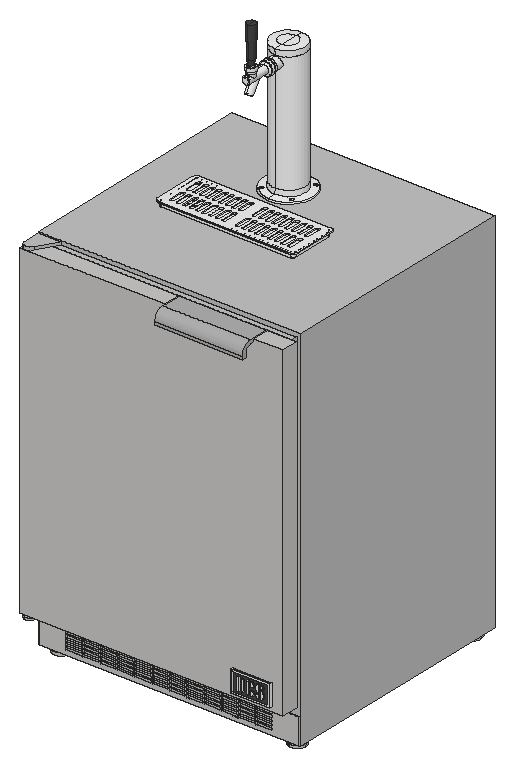
Revit family "RF24TL2_Outdoor_Fridge_9000xxxxxxA", category Specialty Equipment, Revit 2018
Family settings
  Round Connector Dimension = Use Diameter
  Part Type = Normal
  OmniClass Number = 23.40.40.00
  OmniClass Title = Food Service Equipment and Furnishings
  Work Plane-Based = No
  Always vertical = Yes
  Cut with Voids When Loaded = Yes
  Shared = No
  Room Calculation Point = No
Parameters
  Visibility - Clearance Required = yes
  URL = "www.dcsappliances.com"
  Product - Width = 607 mm  # constant formula
  Product - Height (857mm to 883mm) = 870 mm
  Product - Depth = 643 mm  # constant formula
  Model = "RF24TL2"
  Material - Handle = DCS - Aluminium
  Material - Door Front = DCS - Stainless Steel
  Material - Body = DCS - Grey
  Manufacturer = "Fisher & Paykel Appliances"
  Keynote = ""
  Description = "Outdoor Beer Dispenser - Single Tap"
  Counter Top - Height (mm) = 915 mm
  Connector Description - Electrical = "110-120 V, 60 Hz, 15 A dedicated circuit"
  Chassis - Width = 607 mm  # constant formula
  Chassis - Height = 854 mm  # constant formula
  Chassis - Depth = 559 mm  # constant formula
  Cavity - Width = 616 mm  # constant formula
  Cavity - Height (864mm to 889mm) = 889 mm  # constant formula
  Cavity - Depth = 584 mm  # constant formula
Reference planes
  plane 1 "Center (Front/Back)": y = 0
  plane 2: z = 0
  plane 3 "Center (Left/Right)": x = 0
  plane 4 "Product - LHS": x = -303.5
  plane 5 "Product - RHS": x = 303.5
  plane 6 "Product - Depth": y = 559
  plane 7 "Cavity - LHS": x = -308
  plane 8 "Cavity - RHS": x = 308
  plane 9 "Cavity - Depth": y = 584
  plane 10 "Product - Height": z = 870
  plane 11 "Cavity - Height": z = 876
  plane 12 "Chassis - Base": z = 16
  plane 13 "Door Front": y = -54
  plane 14 "Counter Top": z = 915
Forms (mm)
  Extrusion 1, solid, material "DCS - Grey" <- "Material - Body"
    sketch origin (0, 0, 0) x (0, 1, 0) y (0, 0, 1)
      loop
        line (0, 870) -> (0, 16) -> (559, 16) -> (559, 870) -> (0, 870)
    from -303.5 to 303.5
  Extrusion 2, solid, material "DCS - Aluminium" <- "Material - Handle"
    sketch origin (0, 0, 0) x (0, 1, 0) y (0, 0, 1)
      loop
        line (-13.13, 860.6) -> (-59.922, 860.6)
        arc (-59.922, 860.6) -> (-76.948, 853.548) -> (-84, 836.522) r 24.078
        line (-84, 836.522) -> (-84, 830.34) -> (-75.11, 830.34) -> (-75.11, 844.71)
        arc (-75.11, 844.71) -> (-69.603, 851.111) -> (-61.504, 853.5) r 14.926
        line (-61.504, 853.5) -> (-13.13, 853.5) -> (-13.13, 860.6)
    from 32 to 235
  Extrusion 3, solid, material "DCS - Stainless Steel" <- "Material - Door Front", detail levels fine
    sketch origin (0, 0, 0) x (1, 0, 0) y (0, 0, 1)
      loop
        line (-300.5, 16) -> (300.5, 16) -> (300.5, 77) -> (-300.5, 77) -> (-300.5, 16)
      loop
        line (-199, 75.5) -> (-199, 68.5) -> (-161, 68.5) -> (-161, 75.5) -> (-199, 75.5)
      loop
        line (-199, 67) -> (-199, 60) -> (-161, 60) -> (-161, 67) -> (-199, 67)
      loop
        line (-199, 58.5) -> (-199, 51.5) -> (-161, 51.5) -> (-161, 58.5) -> (-199, 58.5)
      loop
        line (-199, 50) -> (-199, 43) -> (-161, 43) -> (-161, 50) -> (-199, 50)
      loop
        line (-199, 41.5) -> (-199, 34.5) -> (-161, 34.5) -> (-161, 41.5) -> (-199, 41.5)
      loop
        line (-199, 33) -> (-199, 26) -> (-161, 26) -> (-161, 33) -> (-199, 33)
      loop
        line (-159, 75.5) -> (-159, 68.5) -> (-121, 68.5) -> (-121, 75.5) -> (-159, 75.5)
      loop
        line (-159, 67) -> (-159, 60) -> (-121, 60) -> (-121, 67) -> (-159, 67)
      loop
        line (-159, 58.5) -> (-159, 51.5) -> (-121, 51.5) -> (-121, 58.5) -> (-159, 58.5)
      loop
        line (-159, 50) -> (-159, 43) -> (-121, 43) -> (-121, 50) -> (-159, 50)
      loop
        line (-159, 41.5) -> (-159, 34.5) -> (-121, 34.5) -> (-121, 41.5) -> (-159, 41.5)
      loop
        line (-159, 33) -> (-159, 26) -> (-121, 26) -> (-121, 33) -> (-159, 33)
      loop
        line (-119, 75.5) -> (-119, 68.5) -> (-81, 68.5) -> (-81, 75.5) -> (-119, 75.5)
      loop
        line (-119, 67) -> (-119, 60) -> (-81, 60) -> (-81, 67) -> (-119, 67)
      loop
        line (-119, 58.5) -> (-119, 51.5) -> (-81, 51.5) -> (-81, 58.5) -> (-119, 58.5)
      loop
        line (-119, 50) -> (-119, 43) -> (-81, 43) -> (-81, 50) -> (-119, 50)
      loop
        line (-119, 41.5) -> (-119, 34.5) -> (-81, 34.5) -> (-81, 41.5) -> (-119, 41.5)
      loop
        line (-119, 33) -> (-119, 26) -> (-81, 26) -> (-81, 33) -> (-119, 33)
      loop
        line (-79, 75.5) -> (-79, 68.5) -> (-41, 68.5) -> (-41, 75.5) -> (-79, 75.5)
      loop
        line (-79, 67) -> (-79, 60) -> (-41, 60) -> (-41, 67) -> (-79, 67)
      loop
        line (-79, 58.5) -> (-79, 51.5) -> (-41, 51.5) -> (-41, 58.5) -> (-79, 58.5)
      loop
        line (-79, 50) -> (-79, 43) -> (-41, 43) -> (-41, 50) -> (-79, 50)
      loop
        line (-79, 41.5) -> (-79, 34.5) -> (-41, 34.5) -> (-41, 41.5) -> (-79, 41.5)
      loop
        line (-79, 33) -> (-79, 26) -> (-41, 26) -> (-41, 33) -> (-79, 33)
      loop
        line (-39, 75.5) -> (-39, 68.5) -> (-1, 68.5) -> (-1, 75.5) -> (-39, 75.5)
      loop
        line (-39, 67) -> (-39, 60) -> (-1, 60) -> (-1, 67) -> (-39, 67)
      loop
        line (-39, 58.5) -> (-39, 51.5) -> (-1, 51.5) -> (-1, 58.5) -> (-39, 58.5)
      loop
        line (-39, 50) -> (-39, 43) -> (-1, 43) -> (-1, 50) -> (-39, 50)
      loop
        line (-39, 41.5) -> (-39, 34.5) -> (-1, 34.5) -> (-1, 41.5) -> (-39, 41.5)
      loop
        line (-39, 33) -> (-39, 26) -> (-1, 26) -> (-1, 33) -> (-39, 33)
      loop
        line (-239, 75.5) -> (-239, 68.5) -> (-201, 68.5) -> (-201, 75.5) -> (-239, 75.5)
      loop
        line (-239, 67) -> (-239, 60) -> (-201, 60) -> (-201, 67) -> (-239, 67)
      loop
        line (-239, 58.5) -> (-239, 51.5) -> (-201, 51.5) -> (-201, 58.5) -> (-239, 58.5)
      loop
        line (-239, 50) -> (-239, 43) -> (-201, 43) -> (-201, 50) -> (-239, 50)
      loop
        line (-239, 41.5) -> (-239, 34.5) -> (-201, 34.5) -> (-201, 41.5) -> (-239, 41.5)
      loop
        line (-239, 33) -> (-239, 26) -> (-201, 26) -> (-201, 33) -> (-239, 33)
      loop
        line (199, 75.5) -> (161, 75.5) -> (161, 68.5) -> (199, 68.5) -> (199, 75.5)
      loop
        line (199, 67) -> (161, 67) -> (161, 60) -> (199, 60) -> (199, 67)
      loop
        line (199, 58.5) -> (161, 58.5) -> (161, 51.5) -> (199, 51.5) -> (199, 58.5)
      loop
        line (199, 50) -> (161, 50) -> (161, 43) -> (199, 43) -> (199, 50)
      loop
        line (199, 41.5) -> (161, 41.5) -> (161, 34.5) -> (199, 34.5) -> (199, 41.5)
      loop
        line (199, 33) -> (161, 33) -> (161, 26) -> (199, 26) -> (199, 33)
      loop
        line (159, 75.5) -> (121, 75.5) -> (121, 68.5) -> (159, 68.5) -> (159, 75.5)
      loop
        line (159, 67) -> (121, 67) -> (121, 60) -> (159, 60) -> (159, 67)
      loop
        line (159, 58.5) -> (121, 58.5) -> (121, 51.5) -> (159, 51.5) -> (159, 58.5)
      loop
        line (159, 50) -> (121, 50) -> (121, 43) -> (159, 43) -> (159, 50)
      loop
        line (159, 41.5) -> (121, 41.5) -> (121, 34.5) -> (159, 34.5) -> (159, 41.5)
      loop
        line (159, 33) -> (121, 33) -> (121, 26) -> (159, 26) -> (159, 33)
      loop
        line (119, 75.5) -> (81, 75.5) -> (81, 68.5) -> (119, 68.5) -> (119, 75.5)
      loop
        line (119, 67) -> (81, 67) -> (81, 60) -> (119, 60) -> (119, 67)
      loop
        line (119, 58.5) -> (81, 58.5) -> (81, 51.5) -> (119, 51.5) -> (119, 58.5)
      loop
        line (119, 50) -> (81, 50) -> (81, 43) -> (119, 43) -> (119, 50)
      loop
        line (119, 41.5) -> (81, 41.5) -> (81, 34.5) -> (119, 34.5) -> (119, 41.5)
      loop
        line (119, 33) -> (81, 33) -> (81, 26) -> (119, 26) -> (119, 33)
      loop
        line (79, 75.5) -> (41, 75.5) -> (41, 68.5) -> (79, 68.5) -> (79, 75.5)
      loop
        line (79, 67) -> (41, 67) -> (41, 60) -> (79, 60) -> (79, 67)
      loop
        line (79, 58.5) -> (41, 58.5) -> (41, 51.5) -> (79, 51.5) -> (79, 58.5)
      loop
        line (79, 50) -> (41, 50) -> (41, 43) -> (79, 43) -> (79, 50)
      loop
        line (79, 41.5) -> (41, 41.5) -> (41, 34.5) -> (79, 34.5) -> (79, 41.5)
      loop
        line (79, 33) -> (41, 33) -> (41, 26) -> (79, 26) -> (79, 33)
      loop
        line (39, 75.5) -> (1, 75.5) -> (1, 68.5) -> (39, 68.5) -> (39, 75.5)
      loop
        line (39, 67) -> (1, 67) -> (1, 60) -> (39, 60) -> (39, 67)
      loop
        line (39, 58.5) -> (1, 58.5) -> (1, 51.5) -> (39, 51.5) -> (39, 58.5)
      loop
        line (39, 50) -> (1, 50) -> (1, 43) -> (39, 43) -> (39, 50)
      loop
        line (39, 41.5) -> (1, 41.5) -> (1, 34.5) -> (39, 34.5) -> (39, 41.5)
      loop
        line (39, 33) -> (1, 33) -> (1, 26) -> (39, 26) -> (39, 33)
      loop
        line (239, 75.5) -> (201, 75.5) -> (201, 68.5) -> (239, 68.5) -> (239, 75.5)
      loop
        line (239, 67) -> (201, 67) -> (201, 60) -> (239, 60) -> (239, 67)
      loop
        line (239, 58.5) -> (201, 58.5) -> (201, 51.5) -> (239, 51.5) -> (239, 58.5)
      loop
        line (239, 50) -> (201, 50) -> (201, 43) -> (239, 43) -> (239, 50)
      loop
        line (239, 41.5) -> (201, 41.5) -> (201, 34.5) -> (239, 34.5) -> (239, 41.5)
      loop
        line (239, 33) -> (201, 33) -> (201, 26) -> (239, 26) -> (239, 33)
    from 0 to 2
  Extrusion 4, solid, material "DCS - Grey" <- "Material - Body"
    sketch origin (0, 0, 1000) x (1, 0, 0) y (0, 0, 1)
      loop
        circle (203.5, -913) r 5
    from -584 to -559
  Extrusion 5, solid, material "DCS - Clearance Required", visible <- "Visibility - Clearance Required", detail levels coarse
    sketch origin (0, 0, 0) x (1, 0, 0) y (0, 1, 0)
      loop
        line (-308, 584) -> (-308, 0) -> (308, 0) -> (308, 584) -> (-308, 584)
    from 0 to 876
  Extrusion 6, solid, material "DCS - Grey" <- "Material - Body"
    sketch origin (0, 0, 0) x (0, 1, 0) y (0, 0, 1)
      loop
        line (-13.13, 860.6) -> (-13.13, 107.384) -> (0, 107.384) -> (0, 860.6) -> (-13.13, 860.6)
    from -293 to 293
  Extrusion 7, solid, material "DCS - Grey" <- "Material - Body"
    sketch origin (0, 0, 0) x (1, 0, 0) y (0, 1, 0)
      loop
        circle (-273.5, 27) r 19
      loop
        circle (-273.5, 534) r 19
      loop
        circle (273.5, 27) r 19
      loop
        circle (273.5, 534) r 19
    from 0 to 4.9
  Extrusion 8, solid, material "DCS - Grey" <- "Material - Body"
    sketch origin (0, 0, 0) x (1, 0, 0) y (0, 1, 0)
      loop
        circle (-273.5, 534) r 6
      loop
        circle (-273.5, 27) r 6
      loop
        circle (273.5, 534) r 6
      loop
        circle (273.5, 27) r 6
    from 4.9 to 16
  Extrusion 9, solid, material "DCS - Clearance Required", visible <- "Visibility - Clearance Required", detail levels coarse
    sketch origin (0, 0, 0) x (1, 0, 0) y (0, 1, 0)
      loop
        line (-303.5, -54) -> (-303.5, -348.771) -> (-333.5, -348.771) -> (-333.5, -551.714) -> (-303.5, -551.714) -> (-303.5, -620)
        arc (-303.5, -620) -> (118.506, -464.09) -> (303.5, -54) r 582.375
        line (303.5, -54) -> (-303.5, -54)
    from 102.24 to 860.6
  Extrusion 10, solid, material "DCS - Grey" <- "Material - Body", detail levels fine
    sketch origin (0, 0, 0) x (1, 0, 0) y (0, 1, 0)
      loop
        line (-278.224, -45.856) -> (-253.451, 0) -> (-303.5, 0) -> (-303.5, -40.895)
        arc (-303.5, -40.895) -> (-292.903, -53.774) -> (-278.224, -45.856) r 13.125
    from 860.6 to 866.898
  Extrusion 11, solid, material "DCS - Grey" <- "Material - Body", detail levels fine
    sketch origin (0, 0, 0) x (1, 0, 0) y (0, 1, 0)
      loop
        line (-278.224, -45.856) -> (-253.451, 0) -> (-303.5, 0) -> (-303.5, -40.895)
        arc (-303.5, -40.895) -> (-292.903, -53.774) -> (-278.224, -45.856) r 13.125
    from 93.901 to 97.228
  Extrusion 12, void
    sketch origin (0, 0, 0) x (1, 0, 0) y (0, 1, 0)
      loop
        line (-308, 584) -> (-308, 0) -> (308, 0) -> (308, 584) -> (-308, 584)
    from 0 to 876
  Extrusion 13, solid, material "DCS - Stainless Steel" <- "Material - Door Front"
    sketch origin (0, 0, 0) x (1, 0, 0) y (0, 0, 1)
      loop
        line (-303.5, 860.6) -> (-303.5, 102.24) -> (303.5, 102.24) -> (303.5, 860.6) -> (235, 860.6) -> (235, 853.5) -> (32, 853.5) -> (32, 860.6) -> (-303.5, 860.6)
    from 13.13 to 54
  Extrusion 14, void
    sketch origin (0, 0, 0) x (1, 0, 0) y (0, 1, 0)
      loop
        circle (0, 343) r 19
      loop
        circle (-35, 378) r 3
      loop
        arc (149.5, 162) -> (153.743, 163.757) -> (155.5, 168) r 6
        line (155.5, 168) -> (155.5, 264)
        arc (155.5, 264) -> (153.743, 268.243) -> (149.5, 270) r 6
        line (149.5, 270) -> (-149.5, 270)
        arc (-149.5, 270) -> (-153.743, 268.243) -> (-155.5, 264) r 6
        line (-155.5, 264) -> (-155.5, 168)
        arc (-155.5, 168) -> (-153.743, 163.757) -> (-149.5, 162) r 6
        line (-149.5, 162) -> (149.5, 162)
      loop
        circle (35, 378) r 3
      loop
        circle (-35, 308) r 3
      loop
        circle (35, 308) r 3
    from 870 to 915
Text (mm)
  text "Due to ongoing product development, product details are subject to change without notice. \nPlease always refer to www.fisherpaykel.com for the most current product information. \n© Fisher & Paykel 2020" at (41.04, -459.323, 0), in view "Ref. Level (Plan)"
Dimensions and locks
  equal spacing: plane 4 "Product - LHS", plane 3 "Center (Left/Right)", plane 5 "Product - RHS"
  "Product - Width": plane 4 "Product - LHS" to plane 5 "Product - RHS"
  equal spacing: plane 7 "Cavity - LHS", plane 3 "Center (Left/Right)", plane 8 "Cavity - RHS"
  "Cavity - Width": plane 7 "Cavity - LHS" to plane 8 "Cavity - RHS"
  "Chassis - Depth": plane 6 "Product - Depth" to plane 1 "Center (Front/Back)"
  "Cavity - Depth": plane 1 "Center (Front/Back)" to plane 9 "Cavity - Depth"
  "Product - Height (857mm to 883mm)": plane 10 "Product - Height" to level
  locked: plane 11 "Cavity - Height" to plane 10 "Product - Height" at 6
  "Chassis - Height": plane 10 "Product - Height" to plane 12 "Chassis - Base"
  plane 13 "Door Front" to plane 1 "Center (Front/Back)" = 54 mm
  plane 6 "Product - Depth" to plane 9 "Cavity - Depth" = 25 mm
  "Product - Depth": plane 6 "Product - Depth" to Extrusion 2
  equal spacing: Extrusion 6, plane 3 "Center (Left/Right)", Extrusion 6
  locked: Extrusion 4 sketch curve to plane 12 "Chassis - Base" at 71
  locked: Extrusion 7 to level at 4.9
  locked: plane 12 "Chassis - Base" to Extrusion 9 at 86.24
  locked: plane 12 "Chassis - Base" to Extrusion 11 at 77.901
  locked: Extrusion 11 to Extrusion 11 at 3.327
  locked: plane 10 "Product - Height" to Extrusion 10 at 3.102  (x2)
  locked: nested 1 to plane 12 "Chassis - Base" at 146.24
  locked: plane 10 "Product - Height" to Extrusion 9 at 9.4
  Extrusion 14 sketch curve to plane 3 "Center (Left/Right)" = 35 mm
  "Counter Top - Height (mm)": plane 14 "Counter Top" to level
  locked: nested 2 to plane 14 "Counter Top" at 308
  aligned and locked: level to plane 2
  aligned and locked: Extrusion 1 to plane 5 "Product - RHS"
  aligned and locked: Extrusion 1 to plane 4 "Product - LHS"
  aligned and locked: plane 10 "Product - Height" to Extrusion 1
  aligned and locked: Extrusion 4 to plane 9 "Cavity - Depth"
  aligned and locked: Extrusion 4 to plane 6 "Product - Depth"
  aligned and locked: Extrusion 5 to level
  aligned and locked: plane 11 "Cavity - Height" to Extrusion 5
  aligned and locked: Extrusion 3 to Extrusion 1
  aligned and locked: Extrusion 7 to level
  aligned and locked: Extrusion 8 to Extrusion 1
  aligned and locked: Extrusion 8 to Extrusion 7
  aligned and locked: Extrusion 1 to plane 12 "Chassis - Base"
  aligned and locked: Extrusion 12 to Extrusion 5
  aligned and locked: Extrusion 10 to Extrusion 2
  aligned and locked: plane 14 "Counter Top" to Extrusion 14
Automatic sketch dimensions
  Extrusion 1 sketch curve to plane 1 "Center (Front/Back)" = 0 mm
  Extrusion 1 sketch curve to plane 6 "Product - Depth" = 0 mm
  Extrusion 1 sketch curve to plane 12 "Chassis - Base" = 0 mm
  Extrusion 1 sketch curve to plane 10 "Product - Height" = 0 mm
  plane 13 "Door Front" to Extrusion 2 sketch curve = 40.87 mm
  Extrusion 2 sketch curve to Extrusion 2 sketch curve = 46.792 mm
  Extrusion 2 sketch curve to Extrusion 2 sketch curve = 1.582 mm
  Extrusion 2 sketch curve to Extrusion 2 sketch curve = 13.606 mm
  Extrusion 2 sketch curve to Extrusion 2 sketch curve = 8.89 mm
  Extrusion 2 sketch curve to plane 10 "Product - Height" = 39.66 mm
  Extrusion 2 sketch curve to Extrusion 2 sketch curve = 6.182 mm
  Extrusion 2 sketch curve to Extrusion 2 sketch curve = 2.052 mm
  Extrusion 2 sketch curve to Extrusion 2 sketch curve = 8.188 mm
  Extrusion 3 sketch curve to plane 12 "Chassis - Base" = 0 mm
  Extrusion 3 sketch curve to plane 4 "Product - LHS" = 3 mm
  Extrusion 3 sketch curve to Extrusion 3 sketch curve = 61.5 mm
  plane 12 "Chassis - Base" to Extrusion 3 sketch curve = 10 mm  (x6)
  Extrusion 3 sketch curve to Extrusion 3 sketch curve = 0 mm  (x138)
  Extrusion 3 sketch curve to Extrusion 3 sketch curve = 38 mm  (x11)
  Extrusion 3 sketch curve to Extrusion 3 sketch curve = 2 mm  (x22)
  Extrusion 3 sketch curve to plane 3 "Center (Left/Right)" = 1 mm  (x6)
  plane 3 "Center (Left/Right)" to Extrusion 3 sketch curve = 1 mm  (x6)
  plane 5 "Product - RHS" to Extrusion 3 sketch curve = 3 mm
  Extrusion 3 sketch curve to Extrusion 3 sketch curve = 7 mm  (x38)
  Extrusion 3 sketch curve to Extrusion 3 sketch curve = 1.5 mm  (x60)
  Extrusion 3 sketch curve to Extrusion 3 sketch curve = 61 mm
  plane 5 "Product - RHS" to Extrusion 4 sketch curve = 100 mm
  Extrusion 5 sketch curve to plane 1 "Center (Front/Back)" = 0 mm
  Extrusion 5 sketch curve to plane 7 "Cavity - LHS" = 0 mm
  Extrusion 5 sketch curve to plane 8 "Cavity - RHS" = 0 mm
  plane 9 "Cavity - Depth" to Extrusion 5 sketch curve = 0 mm
  Extrusion 6 sketch curve to plane 1 "Center (Front/Back)" = 0 mm
  plane 1 "Center (Front/Back)" to Extrusion 6 sketch curve = 13.13 mm
  Extrusion 7 sketch curve to plane 4 "Product - LHS" = 30 mm  (x2)
  plane 5 "Product - RHS" to Extrusion 7 sketch curve = 30 mm  (x2)
  Extrusion 7 sketch curve to plane 1 "Center (Front/Back)" = 27 mm  (x2)
  Extrusion 7 sketch curve to plane 6 "Product - Depth" = 25 mm  (x2)
  Extrusion 8 sketch curve to plane 4 "Product - LHS" = 30 mm  (x2)
  plane 5 "Product - RHS" to Extrusion 8 sketch curve = 30 mm  (x2)
  Extrusion 8 sketch curve to plane 1 "Center (Front/Back)" = 27 mm  (x2)
  Extrusion 8 sketch curve to plane 6 "Product - Depth" = 25 mm  (x2)
  Extrusion 9 sketch curve to plane 4 "Product - LHS" = 0 mm  (x2)
  Extrusion 9 sketch curve to plane 5 "Product - RHS" = 0 mm
  Extrusion 9 sketch curve to plane 13 "Door Front" = 0 mm
  plane 7 "Cavity - LHS" to Extrusion 9 sketch curve = 25.5 mm
  Extrusion 9 sketch curve to plane 4 "Product - LHS" = 24.841 mm
  Extrusion 9 sketch curve to plane 13 "Door Front" = 294.771 mm
  Extrusion 9 sketch curve to Extrusion 9 sketch curve = 202.944 mm
  Extrusion 9 sketch curve to Extrusion 9 sketch curve = 68.286 mm
  Extrusion 10 sketch curve to plane 4 "Product - LHS" = 0 mm
  plane 1 "Center (Front/Back)" to Extrusion 10 sketch curve = 0 mm
  Extrusion 10 sketch curve to Extrusion 10 sketch curve = 13.125 mm
  plane 13 "Door Front" to Extrusion 10 sketch curve = 8.144 mm
  Extrusion 10 sketch curve to Extrusion 10 sketch curve = 12.151 mm
  Extrusion 10 sketch curve to plane 4 "Product - LHS" = 50.049 mm
  Extrusion 11 sketch curve to plane 4 "Product - LHS" = 0 mm
  plane 1 "Center (Front/Back)" to Extrusion 11 sketch curve = 0 mm
  Extrusion 11 sketch curve to Extrusion 11 sketch curve = 13.125 mm
  plane 13 "Door Front" to Extrusion 11 sketch curve = 8.144 mm
  Extrusion 11 sketch curve to Extrusion 11 sketch curve = 12.151 mm
  Extrusion 11 sketch curve to plane 4 "Product - LHS" = 50.049 mm
  Extrusion 12 sketch curve to plane 1 "Center (Front/Back)" = 0 mm
  Extrusion 12 sketch curve to plane 7 "Cavity - LHS" = 0 mm
  Extrusion 12 sketch curve to plane 8 "Cavity - RHS" = 0 mm
  Extrusion 12 sketch curve to plane 9 "Cavity - Depth" = 0 mm
  plane 4 "Product - LHS" to Extrusion 13 sketch curve = 0 mm
  plane 5 "Product - RHS" to Extrusion 13 sketch curve = 0 mm
  plane 3 "Center (Left/Right)" to Extrusion 13 sketch curve = 32 mm
  Extrusion 13 sketch curve to plane 10 "Product - Height" = 16.5 mm
  plane 5 "Product - RHS" to Extrusion 13 sketch curve = 68.5 mm
  plane 12 "Chassis - Base" to Extrusion 13 sketch curve = 86.24 mm
  Extrusion 13 sketch curve to Extrusion 13 sketch curve = 7.1 mm  (x2)
  plane 12 "Chassis - Base" to Extrusion 6 sketch curve = 91.384 mm
  Extrusion 6 sketch curve to plane 10 "Product - Height" = 9.4 mm
  Extrusion 14 sketch curve to plane 3 "Center (Left/Right)" = 0 mm
  Extrusion 14 sketch curve to plane 3 "Center (Left/Right)" = 35 mm
  Extrusion 14 sketch curve to plane 3 "Center (Left/Right)" = 149.5 mm
  Extrusion 14 sketch curve to Extrusion 14 sketch curve = 0 mm  (x3)
  Extrusion 14 sketch curve to Extrusion 14 sketch curve = 6 mm  (x2)
  plane 3 "Center (Left/Right)" to Extrusion 14 sketch curve = 35 mm  (x2)
  plane 3 "Center (Left/Right)" to Extrusion 14 sketch curve = 149.5 mm
  Extrusion 14 sketch curve to plane 1 "Center (Front/Back)" = 162 mm
  Extrusion 14 sketch curve to Extrusion 14 sketch curve = 96 mm
  Extrusion 14 sketch curve to Extrusion 14 sketch curve = 38 mm
  Extrusion 14 sketch curve to Extrusion 14 sketch curve = 35 mm  (x3)
  radius of Extrusion 4 sketch curve = 5 mm
  radius of Extrusion 7 sketch curve = 19 mm  (x4)
  radius of Extrusion 8 sketch curve = 6 mm  (x4)
  radius of Extrusion 14 sketch curve = 19 mm
  radius of Extrusion 14 sketch curve = 3 mm  (x4)
Nested families
  nested 1: "DCS Logo New Large" at (233.092, -54, 137.74), type "DCS Logo New Large"
  nested 2: "DCS Dispense Tower Single" at (0, 0, 915), type "DCS Dispense Tower Single"
Connectors
  electrical at (203.5, 584, 87), driven by "Connector Description - Electrical"
    settings: on Extrusion 4, index 1, voltage 120 V, apparent load 0 VA, apparent load phase1 0 VA, apparent load phase2 0 VA, apparent load phase3 0 VA, power factor 1, load classification "Other", number of poles 1, system type 30, power factor state 1, is connector primary yes, connector utility no, sub classification motor no, connector description "110-120 V, 60 Hz, 15 A dedicated circuit"
Definition of nested family "DCS Logo New Large"
  Parameters (values of type "DCS Logo New Large")
    URL = "www.dcsappliances.com"
    Product - Width = 89.45 mm
    Product - Height = 49 mm
    Product - Depth = 6 mm
    Material - Logo = none
    Material - Body = none
    Manufacturer = "Fisher & Paykel Appliances"
  Reference planes
    plane 1 "Center (Front/Back)": y = 0
    plane 2: z = 0
    plane 3 "Center (Left/Right)": x = 0
    plane 4 "Product Top": z = 24.5
    plane 5 "Product LHS": x = -44.725
    plane 6 "Product RHS": x = 44.725
    plane 7 "Product - Depth": y = -6
    plane 8 "Product Bottom": z = -24.5
  Forms (mm)
    Extrusion 1, solid, material <- "Material - Logo", detail levels medium+fine
      sketch origin (0, 0, -0.347) x (1, 0, 0) y (0, 0, 1)
        loop
          line (-44.725, 24.847) -> (-44.725, -24.153) -> (44.725, -24.153) -> (44.725, 24.847) -> (-44.725, 24.847)
        loop
          line (-41.725, 21.847) -> (-41.725, -21.153) -> (41.725, -21.153) -> (41.725, 21.847) -> (-41.725, 21.847)
      from 0 to 6
    Extrusion 2, solid, material <- "Material - Body", detail levels medium+fine
      sketch origin (0, 0, 0) x (1, 0, 0) y (0, 0, 1)
        loop
          line (-41.725, 21.5) -> (-41.725, -21.5) -> (41.725, -21.5) -> (41.725, 21.5) -> (-41.725, 21.5)
      from 0 to 4.974
    Extrusion 3, solid, material <- "Material - Logo", detail levels fine
      sketch origin (0, 0, 0) x (1, 0, 0) y (0, 0, 1)
        loop
          line (-31.141, 15.364) -> (-31.141, -15.364) -> (-25.323, -15.364) -> (-25.323, 15.364) -> (-31.141, 15.364)
        loop
          arc (-20.07, -15.416) -> (-15.93, -13.415) -> (-14.252, -9.134) r 6.301
          line (-14.252, -9.134) -> (-14.252, 9.134)
          arc (-14.252, 9.134) -> (-15.93, 13.414) -> (-20.07, 15.412) r 6.296
          line (-20.07, 15.412) -> (-20.07, -15.416)
        loop
          arc (-8.445, -9.134) -> (-6.767, -13.414) -> (-2.627, -15.412) r 6.296
          line (-2.627, -15.412) -> (-2.627, 15.416)
          arc (-2.627, 15.416) -> (-6.767, 13.415) -> (-8.445, 9.134) r 6.301
          line (-8.445, 9.134) -> (-8.445, -9.134)
        loop
          arc (2.627, -15.377) -> (6.765, -13.401) -> (8.445, -9.134) r 6.259
          line (8.445, -9.134) -> (8.445, -4.011) -> (2.627, -4.011) -> (2.627, -15.377)
        loop
          arc (8.445, 9.134) -> (6.767, 13.414) -> (2.627, 15.412) r 6.296
          line (2.627, 15.412) -> (2.627, 4.011) -> (8.445, 4.011) -> (8.445, 9.134)
        loop
          line (20.07, -2.527) -> (20.07, 15.375)
          arc (20.07, 15.375) -> (15.932, 13.4) -> (14.252, 9.134) r 6.257
          line (14.252, 9.134) -> (14.252, 4.145)
          arc (14.252, 4.145) -> (16.005, -0.199) -> (20.07, -2.527) r 7.155
        loop
          line (14.252, -6.875) -> (14.252, -9.134)
          arc (14.252, -9.134) -> (15.93, -13.414) -> (20.07, -15.412) r 6.296
          line (20.07, -15.412) -> (20.07, -6.875) -> (14.252, -6.875)
        loop
          line (25.323, 2.499) -> (25.323, -15.378)
          arc (25.323, -15.378) -> (29.461, -13.401) -> (31.141, -9.134) r 6.259
          line (31.141, -9.134) -> (31.141, -4.145)
          arc (31.141, -4.145) -> (29.481, 0.271) -> (25.323, 2.499) r 6.702
        loop
          line (25.323, 6.875) -> (31.141, 6.875) -> (31.141, 9.134)
          arc (31.141, 9.134) -> (29.464, 13.419) -> (25.323, 15.427) r 6.313
          line (25.323, 15.427) -> (25.323, 6.875)
      from 4.974 to 6
  Dimensions and locks
    plane 7 "Product - Depth" to plane 1 "Center (Front/Back)" = 6 mm
    equal spacing: Extrusion 1 sketch curve, plane 3 "Center (Left/Right)", Extrusion 1 sketch curve
    "Product - Depth": plane 7 "Product - Depth" to plane 1 "Center (Front/Back)"
    equal spacing: plane 4 "Product Top", level, plane 8 "Product Bottom"
    "Product - Height": plane 4 "Product Top" to plane 8 "Product Bottom"
    equal spacing: plane 5 "Product LHS", plane 3 "Center (Left/Right)", plane 6 "Product RHS"
    "Product - Width": plane 5 "Product LHS" to plane 6 "Product RHS"
    aligned and locked: level to plane 2
    aligned and locked: Extrusion 1 to plane 7 "Product - Depth"
    aligned and locked: Extrusion 3 to plane 7 "Product - Depth"
    aligned and locked: plane 6 "Product RHS" to Extrusion 1 sketch curve
    aligned and locked: Extrusion 1 sketch curve to plane 4 "Product Top"
    aligned and locked: plane 8 "Product Bottom" to Extrusion 1 sketch curve
    aligned and locked: Extrusion 1 sketch curve to plane 5 "Product LHS"
    aligned and locked: Extrusion 2 sketch curve to Extrusion 1  (x4)
  Automatic sketch dimensions
    Extrusion 3 sketch curve to plane 5 "Product LHS" = 13.584 mm
    Extrusion 3 sketch curve to Extrusion 3 sketch curve = 5.818 mm  (x5)
    Extrusion 3 sketch curve to Extrusion 3 sketch curve = 4.771 mm
    Extrusion 3 sketch curve to Extrusion 3 sketch curve = 4.775 mm
    Extrusion 3 sketch curve to Extrusion 3 sketch curve = 6.296 mm
    Extrusion 3 sketch curve to Extrusion 3 sketch curve = 5.807 mm  (x3)
    Extrusion 3 sketch curve to plane 3 "Center (Left/Right)" = 2.627 mm
    Extrusion 3 sketch curve to plane 3 "Center (Left/Right)" = 2.149 mm
    Extrusion 3 sketch curve to plane 3 "Center (Left/Right)" = 2.144 mm
    plane 3 "Center (Left/Right)" to Extrusion 3 sketch curve = 2.148 mm
    plane 3 "Center (Left/Right)" to Extrusion 3 sketch curve = 2.186 mm
    plane 3 "Center (Left/Right)" to Extrusion 3 sketch curve = 2.627 mm  (x2)
    Extrusion 3 sketch curve to level = 2.527 mm
    Extrusion 3 sketch curve to Extrusion 3 sketch curve = 0 mm  (x3)
    Extrusion 3 sketch curve to Extrusion 3 sketch curve = 0.439 mm
    Extrusion 3 sketch curve to Extrusion 3 sketch curve = 0.478 mm
    level to Extrusion 3 sketch curve = 4.504 mm
    Extrusion 3 sketch curve to Extrusion 3 sketch curve = 0.889 mm
    Extrusion 3 sketch curve to Extrusion 3 sketch curve = 4.369 mm
    Extrusion 3 sketch curve to Extrusion 3 sketch curve = 4.32 mm
    Extrusion 3 sketch curve to Extrusion 3 sketch curve = 4.334 mm
    Extrusion 3 sketch curve to Extrusion 3 sketch curve = 5.254 mm  (x3)
    Extrusion 3 sketch curve to Extrusion 3 sketch curve = 6.702 mm
    Extrusion 3 sketch curve to level = 4.011 mm
    Extrusion 3 sketch curve to level = 4.145 mm
    Extrusion 3 sketch curve to Extrusion 3 sketch curve = 2.865 mm
    Extrusion 3 sketch curve to Extrusion 3 sketch curve = 4.989 mm
    Extrusion 3 sketch curve to Extrusion 3 sketch curve = 5.123 mm  (x2)
    Extrusion 3 sketch curve to Extrusion 3 sketch curve = 2.259 mm  (x2)
    Extrusion 3 sketch curve to level = 9.134 mm
    Extrusion 3 sketch curve to Extrusion 3 sketch curve = 6.23 mm  (x2)
    level to Extrusion 3 sketch curve = 4.011 mm
    level to Extrusion 3 sketch curve = 6.875 mm
    level to Extrusion 3 sketch curve = 9.134 mm
    Extrusion 3 sketch curve to Extrusion 3 sketch curve = 4.63 mm
    Extrusion 1 sketch curve to plane 5 "Product LHS" = 3 mm
    Extrusion 1 sketch curve to plane 4 "Product Top" = 3 mm
    plane 8 "Product Bottom" to Extrusion 1 sketch curve = 3 mm
Definition of nested family "DCS Dispense Tower Single"
  Parameters (values of type "DCS Dispense Tower Single")
    URL = "www.dcsappliances.com"
    Product - Height = 308 mm
    Material - Body = none
    Manufacturer = "Fisher & Paykel Appliances"
  Reference planes
    plane 1 "Center (Front/Back)": y = 0
    plane 2: z = 0
    plane 3 "Center (Left/Right)": x = 0
  Forms (mm)
    Revolve 1, solid, material <- "Material - Body", detail levels fine
      sketch origin (0, 0, 0) x (0, 1, 0) y (0, 0, 1)
        loop
          line (342.959, 0) -> (342.959, 308) -> (321.83, 308) -> (304.501, 306.484) -> (304.833, 294.284) -> (304.833, 17.538) -> (303.82, 5.592) -> (286.359, 2.826) -> (285.706, 0) -> (342.959, 0)
        axis (342.959, 0) -> (342.959, 308)
      angle from 0 to 360
    Extrusion 2, void
      sketch origin (0, 0, 0) x (1, 0, 0) y (0, 1, 0)
        loop
          circle (-35, 377.959) r 4
        loop
          arc (-37.296, 380.735) -> (-38.12, 376.157) -> (-33.743, 374.582) r 3.603
          line (-33.743, 374.582) -> (-37.296, 380.735)
        loop
          line (-36.257, 381.335) -> (-32.704, 375.182)
          arc (-32.704, 375.182) -> (-31.88, 379.76) -> (-36.257, 381.335) r 3.603
        loop
          circle (35, 377.959) r 4
        loop
          line (37.296, 380.735) -> (33.743, 374.582)
          arc (33.743, 374.582) -> (38.12, 376.157) -> (37.296, 380.735) r 3.603
        loop
          arc (36.257, 381.335) -> (31.88, 379.76) -> (32.704, 375.182) r 3.603
          line (32.704, 375.182) -> (36.257, 381.335)
        loop
          circle (-35, 307.959) r 4
        loop
          line (-37.296, 305.182) -> (-33.743, 311.335)
          arc (-33.743, 311.335) -> (-38.12, 309.76) -> (-37.296, 305.182) r 3.603
        loop
          arc (-36.257, 304.582) -> (-31.88, 306.157) -> (-32.704, 310.735) r 3.603
          line (-32.704, 310.735) -> (-36.257, 304.582)
        loop
          circle (35, 307.959) r 4
        loop
          arc (37.296, 305.182) -> (38.12, 309.76) -> (33.743, 311.335) r 3.603
          line (33.743, 311.335) -> (37.296, 305.182)
        loop
          line (36.257, 304.582) -> (32.704, 310.735)
          arc (32.704, 310.735) -> (31.88, 306.157) -> (36.257, 304.582) r 3.603
      from 0 to 5.6
    Extrusion 3, solid, material <- "Material - Body", detail levels fine
      sketch origin (0, 69.5, 0) x (1, 0, 0) y (0, 1, 0)
        loop
          arc (-150.035, 206.709) -> (-158.52, 203.194) -> (-162.035, 194.709) r 12
          line (-162.035, 194.709) -> (-162.035, 98.358)
          arc (-162.035, 98.358) -> (-158.52, 89.873) -> (-150.035, 86.358) r 12
          line (-150.035, 86.358) -> (149.653, 86.358)
          arc (149.653, 86.358) -> (158.139, 89.873) -> (161.653, 98.358) r 12
          line (161.653, 98.358) -> (161.653, 194.709)
          arc (161.653, 194.709) -> (158.139, 203.194) -> (149.653, 206.709) r 12
          line (149.653, 206.709) -> (-150.035, 206.709)
        loop
          arc (-141.065, 156.573) -> (-136.3, 151.808) -> (-131.534, 156.573) r 4.766
          line (-131.534, 156.573) -> (-131.534, 185.168)
          arc (-131.534, 185.168) -> (-136.3, 189.934) -> (-141.065, 185.168) r 4.766
          line (-141.065, 185.168) -> (-141.065, 156.573)
        loop
          arc (-141.065, 107.9) -> (-136.3, 103.134) -> (-131.534, 107.9) r 4.766
          line (-131.534, 107.9) -> (-131.534, 136.494)
          arc (-131.534, 136.494) -> (-136.3, 141.26) -> (-141.065, 136.494) r 4.766
          line (-141.065, 136.494) -> (-141.065, 107.9)
        loop
          arc (-125.942, 156.573) -> (-121.176, 151.808) -> (-116.411, 156.573) r 4.766
          line (-116.411, 156.573) -> (-116.411, 185.168)
          arc (-116.411, 185.168) -> (-121.176, 189.934) -> (-125.942, 185.168) r 4.766
          line (-125.942, 185.168) -> (-125.942, 156.573)
        loop
          arc (-125.942, 107.9) -> (-121.176, 103.134) -> (-116.411, 107.9) r 4.766
          line (-116.411, 107.9) -> (-116.411, 136.494)
          arc (-116.411, 136.494) -> (-121.176, 141.26) -> (-125.942, 136.494) r 4.766
          line (-125.942, 136.494) -> (-125.942, 107.9)
        loop
          arc (-110.819, 156.573) -> (-106.053, 151.808) -> (-101.288, 156.573) r 4.766
          line (-101.288, 156.573) -> (-101.288, 185.168)
          arc (-101.288, 185.168) -> (-106.053, 189.934) -> (-110.819, 185.168) r 4.766
          line (-110.819, 185.168) -> (-110.819, 156.573)
        loop
          arc (-110.819, 107.9) -> (-106.053, 103.134) -> (-101.288, 107.9) r 4.766
          line (-101.288, 107.9) -> (-101.288, 136.494)
          arc (-101.288, 136.494) -> (-106.053, 141.26) -> (-110.819, 136.494) r 4.766
          line (-110.819, 136.494) -> (-110.819, 107.9)
        loop
          arc (-95.696, 156.573) -> (-90.93, 151.808) -> (-86.164, 156.573) r 4.766
          line (-86.164, 156.573) -> (-86.164, 185.168)
          arc (-86.164, 185.168) -> (-90.93, 189.934) -> (-95.696, 185.168) r 4.766
          line (-95.696, 185.168) -> (-95.696, 156.573)
        loop
          arc (-95.696, 107.9) -> (-90.93, 103.134) -> (-86.164, 107.9) r 4.766
          line (-86.164, 107.9) -> (-86.164, 136.494)
          arc (-86.164, 136.494) -> (-90.93, 141.26) -> (-95.696, 136.494) r 4.766
          line (-95.696, 136.494) -> (-95.696, 107.9)
        loop
          arc (-81.013, 156.573) -> (-76.247, 151.808) -> (-71.481, 156.573) r 4.766
          line (-71.481, 156.573) -> (-71.481, 185.168)
          arc (-71.481, 185.168) -> (-76.247, 189.934) -> (-81.013, 185.168) r 4.766
          line (-81.013, 185.168) -> (-81.013, 156.573)
        loop
          arc (-81.013, 107.9) -> (-76.247, 103.134) -> (-71.481, 107.9) r 4.766
          line (-71.481, 107.9) -> (-71.481, 136.494)
          arc (-71.481, 136.494) -> (-76.247, 141.26) -> (-81.013, 136.494) r 4.766
          line (-81.013, 136.494) -> (-81.013, 107.9)
        loop
          arc (-65.889, 156.573) -> (-61.124, 151.808) -> (-56.358, 156.573) r 4.766
          line (-56.358, 156.573) -> (-56.358, 185.168)
          arc (-56.358, 185.168) -> (-61.124, 189.934) -> (-65.889, 185.168) r 4.766
          line (-65.889, 185.168) -> (-65.889, 156.573)
        loop
          arc (-65.889, 107.9) -> (-61.124, 103.134) -> (-56.358, 107.9) r 4.766
          line (-56.358, 107.9) -> (-56.358, 136.494)
          arc (-56.358, 136.494) -> (-61.124, 141.26) -> (-65.889, 136.494) r 4.766
          line (-65.889, 136.494) -> (-65.889, 107.9)
        loop
          arc (-50.766, 156.573) -> (-46, 151.808) -> (-41.235, 156.573) r 4.766
          line (-41.235, 156.573) -> (-41.235, 185.168)
          arc (-41.235, 185.168) -> (-46, 189.934) -> (-50.766, 185.168) r 4.766
          line (-50.766, 185.168) -> (-50.766, 156.573)
        loop
          arc (-50.766, 107.9) -> (-46, 103.134) -> (-41.235, 107.9) r 4.766
          line (-41.235, 107.9) -> (-41.235, 136.494)
          arc (-41.235, 136.494) -> (-46, 141.26) -> (-50.766, 136.494) r 4.766
          line (-50.766, 136.494) -> (-50.766, 107.9)
        loop
          arc (-35.643, 156.573) -> (-30.877, 151.808) -> (-26.112, 156.573) r 4.766
          line (-26.112, 156.573) -> (-26.112, 185.168)
          arc (-26.112, 185.168) -> (-30.877, 189.934) -> (-35.643, 185.168) r 4.766
          line (-35.643, 185.168) -> (-35.643, 156.573)
        loop
          arc (-35.643, 107.9) -> (-30.877, 103.134) -> (-26.112, 107.9) r 4.766
          line (-26.112, 107.9) -> (-26.112, 136.494)
          arc (-26.112, 136.494) -> (-30.877, 141.26) -> (-35.643, 136.494) r 4.766
          line (-35.643, 136.494) -> (-35.643, 107.9)
        loop
          arc (-20.563, 156.573) -> (-15.797, 151.808) -> (-11.032, 156.573) r 4.766
          line (-11.032, 156.573) -> (-11.032, 185.168)
          arc (-11.032, 185.168) -> (-15.797, 189.934) -> (-20.563, 185.168) r 4.766
          line (-20.563, 185.168) -> (-20.563, 156.573)
        loop
          arc (-20.563, 107.9) -> (-15.797, 103.134) -> (-11.032, 107.9) r 4.766
          line (-11.032, 107.9) -> (-11.032, 136.494)
          arc (-11.032, 136.494) -> (-15.797, 141.26) -> (-20.563, 136.494) r 4.766
          line (-20.563, 136.494) -> (-20.563, 107.9)
        loop
          line (141.065, 156.573) -> (141.065, 185.168)
          arc (141.065, 185.168) -> (136.3, 189.934) -> (131.534, 185.168) r 4.766
          line (131.534, 185.168) -> (131.534, 156.573)
          arc (131.534, 156.573) -> (136.3, 151.808) -> (141.065, 156.573) r 4.766
        loop
          line (141.065, 107.9) -> (141.065, 136.494)
          arc (141.065, 136.494) -> (136.3, 141.26) -> (131.534, 136.494) r 4.766
          line (131.534, 136.494) -> (131.534, 107.9)
          arc (131.534, 107.9) -> (136.3, 103.134) -> (141.065, 107.9) r 4.766
        loop
          line (125.942, 156.573) -> (125.942, 185.168)
          arc (125.942, 185.168) -> (121.176, 189.934) -> (116.411, 185.168) r 4.766
          line (116.411, 185.168) -> (116.411, 156.573)
          arc (116.411, 156.573) -> (121.176, 151.808) -> (125.942, 156.573) r 4.766
        loop
          line (125.942, 107.9) -> (125.942, 136.494)
          arc (125.942, 136.494) -> (121.176, 141.26) -> (116.411, 136.494) r 4.766
          line (116.411, 136.494) -> (116.411, 107.9)
          arc (116.411, 107.9) -> (121.176, 103.134) -> (125.942, 107.9) r 4.766
        loop
          line (110.819, 156.573) -> (110.819, 185.168)
          arc (110.819, 185.168) -> (106.053, 189.934) -> (101.288, 185.168) r 4.766
          line (101.288, 185.168) -> (101.288, 156.573)
          arc (101.288, 156.573) -> (106.053, 151.808) -> (110.819, 156.573) r 4.766
        loop
          line (110.819, 107.9) -> (110.819, 136.494)
          arc (110.819, 136.494) -> (106.053, 141.26) -> (101.288, 136.494) r 4.766
          line (101.288, 136.494) -> (101.288, 107.9)
          arc (101.288, 107.9) -> (106.053, 103.134) -> (110.819, 107.9) r 4.766
        loop
          line (95.696, 156.573) -> (95.696, 185.168)
          arc (95.696, 185.168) -> (90.93, 189.934) -> (86.164, 185.168) r 4.766
          line (86.164, 185.168) -> (86.164, 156.573)
          arc (86.164, 156.573) -> (90.93, 151.808) -> (95.696, 156.573) r 4.766
        loop
          line (95.696, 107.9) -> (95.696, 136.494)
          arc (95.696, 136.494) -> (90.93, 141.26) -> (86.164, 136.494) r 4.766
          line (86.164, 136.494) -> (86.164, 107.9)
          arc (86.164, 107.9) -> (90.93, 103.134) -> (95.696, 107.9) r 4.766
        loop
          line (81.013, 156.573) -> (81.013, 185.168)
          arc (81.013, 185.168) -> (76.247, 189.934) -> (71.481, 185.168) r 4.766
          line (71.481, 185.168) -> (71.481, 156.573)
          arc (71.481, 156.573) -> (76.247, 151.808) -> (81.013, 156.573) r 4.766
        loop
          line (81.013, 107.9) -> (81.013, 136.494)
          arc (81.013, 136.494) -> (76.247, 141.26) -> (71.481, 136.494) r 4.766
          line (71.481, 136.494) -> (71.481, 107.9)
          arc (71.481, 107.9) -> (76.247, 103.134) -> (81.013, 107.9) r 4.766
        loop
          line (65.889, 156.573) -> (65.889, 185.168)
          arc (65.889, 185.168) -> (61.124, 189.934) -> (56.358, 185.168) r 4.766
          line (56.358, 185.168) -> (56.358, 156.573)
          arc (56.358, 156.573) -> (61.124, 151.808) -> (65.889, 156.573) r 4.766
        loop
          line (65.889, 107.9) -> (65.889, 136.494)
          arc (65.889, 136.494) -> (61.124, 141.26) -> (56.358, 136.494) r 4.766
          line (56.358, 136.494) -> (56.358, 107.9)
          arc (56.358, 107.9) -> (61.124, 103.134) -> (65.889, 107.9) r 4.766
        loop
          line (50.766, 156.573) -> (50.766, 185.168)
          arc (50.766, 185.168) -> (46, 189.934) -> (41.235, 185.168) r 4.766
          line (41.235, 185.168) -> (41.235, 156.573)
          arc (41.235, 156.573) -> (46, 151.808) -> (50.766, 156.573) r 4.766
        loop
          line (50.766, 107.9) -> (50.766, 136.494)
          arc (50.766, 136.494) -> (46, 141.26) -> (41.235, 136.494) r 4.766
          line (41.235, 136.494) -> (41.235, 107.9)
          arc (41.235, 107.9) -> (46, 103.134) -> (50.766, 107.9) r 4.766
        loop
          line (35.643, 156.573) -> (35.643, 185.168)
          arc (35.643, 185.168) -> (30.877, 189.934) -> (26.112, 185.168) r 4.766
          line (26.112, 185.168) -> (26.112, 156.573)
          arc (26.112, 156.573) -> (30.877, 151.808) -> (35.643, 156.573) r 4.766
        loop
          line (35.643, 107.9) -> (35.643, 136.494)
          arc (35.643, 136.494) -> (30.877, 141.26) -> (26.112, 136.494) r 4.766
          line (26.112, 136.494) -> (26.112, 107.9)
          arc (26.112, 107.9) -> (30.877, 103.134) -> (35.643, 107.9) r 4.766
        loop
          line (20.563, 156.573) -> (20.563, 185.168)
          arc (20.563, 185.168) -> (15.797, 189.934) -> (11.032, 185.168) r 4.766
          line (11.032, 185.168) -> (11.032, 156.573)
          arc (11.032, 156.573) -> (15.797, 151.808) -> (20.563, 156.573) r 4.766
        loop
          line (20.563, 107.9) -> (20.563, 136.494)
          arc (20.563, 136.494) -> (15.797, 141.26) -> (11.032, 136.494) r 4.766
          line (11.032, 136.494) -> (11.032, 107.9)
          arc (11.032, 107.9) -> (15.797, 103.134) -> (20.563, 107.9) r 4.766
      from 0 to 1
    Extrusion 4, solid, material <- "Material - Body"
      sketch origin (0, 69.5, 0) x (1, 0, 0) y (0, 1, 0)
        loop
          arc (-155.5, 98.534) -> (-153.743, 94.291) -> (-149.5, 92.534) r 6
          line (-149.5, 92.534) -> (149.5, 92.534)
          arc (149.5, 92.534) -> (153.743, 94.291) -> (155.5, 98.534) r 6
          line (155.5, 98.534) -> (155.5, 194.534)
          arc (155.5, 194.534) -> (153.743, 198.776) -> (149.5, 200.534) r 6
          line (149.5, 200.534) -> (-149.5, 200.534)
          arc (-149.5, 200.534) -> (-153.743, 198.776) -> (-155.5, 194.534) r 6
          line (-155.5, 194.534) -> (-155.5, 98.534)
        loop
          circle (-110.913, 146.534) r 17.5
      from -11 to -10
    Extrusion 5, solid, material <- "Material - Body"
      sketch origin (0, 69.5, 0) x (1, 0, 0) y (0, 1, 0)
        loop
          circle (-110.913, 146.534) r 17.5
        loop
          circle (-110.913, 146.534) r 8
      from -11 to -10
    Extrusion 6, void
      sketch origin (0, 0, 0) x (1, 0, 0) y (0, 1, 0)
        loop
          circle (-35, 377.959) r 3
        loop
          circle (35, 377.959) r 3
        loop
          circle (-35, 307.959) r 3
        loop
          circle (35, 307.959) r 3
        loop
          arc (-149.5, 270.034) -> (-153.743, 268.276) -> (-155.5, 264.034) r 6
          line (-155.5, 264.034) -> (-155.5, 168.034)
          arc (-155.5, 168.034) -> (-153.743, 163.791) -> (-149.5, 162.034) r 6
          line (-149.5, 162.034) -> (149.5, 162.034)
          arc (149.5, 162.034) -> (153.743, 163.791) -> (155.5, 168.034) r 6
          line (155.5, 168.034) -> (155.5, 264.034)
          arc (155.5, 264.034) -> (153.743, 268.276) -> (149.5, 270.034) r 6
          line (149.5, 270.034) -> (-149.5, 270.034)
        loop
          circle (0, 342.959) r 19
      from -300 to 0
    Extrusion 7, solid, material <- "Material - Body"
      sketch origin (0, 0, 0) x (1, 0, 0) y (0, 1, 0)
        loop
          arc (-149.5, 270.034) -> (-153.743, 268.276) -> (-155.5, 264.034) r 6
          line (-155.5, 264.034) -> (-155.5, 168.034)
          arc (-155.5, 168.034) -> (-153.743, 163.791) -> (-149.5, 162.034) r 6
          line (-149.5, 162.034) -> (149.5, 162.034)
          arc (149.5, 162.034) -> (153.743, 163.791) -> (155.5, 168.034) r 6
          line (155.5, 168.034) -> (155.5, 264.034)
          arc (155.5, 264.034) -> (153.743, 268.276) -> (149.5, 270.034) r 6
          line (149.5, 270.034) -> (-149.5, 270.034)
        loop
          arc (149.5, 163.034) -> (153.036, 164.498) -> (154.5, 168.034) r 5
          line (154.5, 168.034) -> (154.5, 264.034)
          arc (154.5, 264.034) -> (153.036, 267.569) -> (149.5, 269.034) r 5
          line (149.5, 269.034) -> (-149.5, 269.034)
          arc (-149.5, 269.034) -> (-153.036, 267.569) -> (-154.5, 264.034) r 5
          line (-154.5, 264.034) -> (-154.5, 168.034)
          arc (-154.5, 168.034) -> (-153.036, 164.498) -> (-149.5, 163.034) r 5
          line (-149.5, 163.034) -> (149.5, 163.034)
      from -10 to 0
    Extrusion 8, solid, material <- "Material - Body", detail levels coarse+medium
      sketch origin (0, 0, 0) x (1, 0, 0) y (0, 1, 0)
        loop
          circle (0, 342.959) r 38.126
      from 5.592 to 308
    Extrusion 9, solid, material <- "Material - Body", detail levels coarse+medium
      sketch origin (0, 0, 0) x (1, 0, 0) y (0, 1, 0)
        loop
          circle (0, 342.944) r 57.245
        loop
          circle (-35, 377.959) r 4
        loop
          circle (35, 377.959) r 4
        loop
          circle (-35, 307.959) r 4
        loop
          circle (35, 307.959) r 4
      from 0 to 5.592
  Cuts and joins
    Extrusion 2 cuts Revolve 1
    joined: Extrusion 4, Extrusion 7
  Dimensions and locks
    plane 1 "Center (Front/Back)" to Extrusion 5 = 216.034 mm
    Extrusion 4 to Extrusion 4 = 108 mm
    Extrusion 4 to Extrusion 4 = 311 mm
    plane 1 "Center (Front/Back)" to Extrusion 4 = 162.034 mm
    "Product - Height": level to cut or joined group of Revolve 1, Extrusion 2
    aligned and locked: level to plane 2
  Automatic sketch dimensions
    Revolve 1 sketch curve to level = 0 mm
    Revolve 1 sketch curve to plane 1 "Center (Front/Back)" = 285.706 mm
    level to Revolve 1 sketch curve = 2.826 mm
    Revolve 1 sketch curve to Revolve 1 sketch curve = 0.652 mm
    level to Revolve 1 sketch curve = 5.592 mm
    Revolve 1 sketch curve to Revolve 1 sketch curve = 17.461 mm
    Revolve 1 sketch curve to Revolve 1 sketch curve = 0.681 mm
    Revolve 1 sketch curve to Revolve 1 sketch curve = 1.013 mm
    Revolve 1 sketch curve to Revolve 1 sketch curve = 17.329 mm
    Revolve 1 sketch curve to Revolve 1 sketch curve = 21.129 mm
    Revolve 1 sketch curve to Revolve 1 sketch curve = 11.946 mm
    Revolve 1 sketch curve to Revolve 1 sketch curve = 276.746 mm
    Revolve 1 sketch curve to Revolve 1 sketch curve = 12.2 mm
    Revolve 1 sketch curve to Revolve 1 sketch curve = 1.516 mm
    Revolve 1 sketch curve to Revolve 1 sketch curve = 0 mm
    Revolve 1 sketch curve to Revolve 1 sketch curve = 3.428 mm
    Revolve 1 sketch curve to Revolve 1 sketch curve = 10 mm
    Extrusion 2 sketch curve to Extrusion 2 sketch curve = 0 mm  (x25)
    Extrusion 2 sketch curve to plane 3 "Center (Left/Right)" = 37.296 mm  (x2)
    Extrusion 2 sketch curve to Extrusion 2 sketch curve = 1.039 mm  (x8)
    Extrusion 2 sketch curve to Extrusion 2 sketch curve = 1.257 mm  (x8)
    plane 3 "Center (Left/Right)" to Extrusion 2 sketch curve = 32.704 mm  (x2)
    Extrusion 2 sketch curve to plane 1 "Center (Front/Back)" = 304.582 mm
    Extrusion 2 sketch curve to Extrusion 2 sketch curve = 0.6 mm  (x4)
    Extrusion 2 sketch curve to Extrusion 2 sketch curve = 2.777 mm
    Extrusion 2 sketch curve to Extrusion 2 sketch curve = 3.377 mm  (x3)
    Extrusion 2 sketch curve to Extrusion 2 sketch curve = 63.247 mm  (x2)
    Extrusion 3 sketch curve to plane 3 "Center (Left/Right)" = 162.035 mm
    Extrusion 3 sketch curve to Extrusion 3 sketch curve = 12 mm  (x3)
    Extrusion 3 sketch curve to Extrusion 3 sketch curve = 8.969 mm  (x2)
    Extrusion 3 sketch curve to Extrusion 3 sketch curve = 4.766 mm  (x36)
    Extrusion 3 sketch curve to Extrusion 3 sketch curve = 5.592 mm  (x24)
    Extrusion 3 sketch curve to Extrusion 3 sketch curve = 5.152 mm  (x4)
    Extrusion 3 sketch curve to Extrusion 3 sketch curve = 5.548 mm  (x4)
    plane 3 "Center (Left/Right)" to Extrusion 3 sketch curve = 11.032 mm  (x2)
    Extrusion 3 sketch curve to Extrusion 3 sketch curve = 8.588 mm  (x2)
    Extrusion 3 sketch curve to plane 1 "Center (Front/Back)" = 155.858 mm
    Extrusion 3 sketch curve to Extrusion 3 sketch curve = 9.541 mm  (x3)
    Extrusion 3 sketch curve to Extrusion 3 sketch curve = 0 mm  (x58)
    Extrusion 3 sketch curve to Extrusion 3 sketch curve = 28.594 mm  (x7)
    Extrusion 3 sketch curve to Extrusion 3 sketch curve = 20.08 mm  (x5)
    Extrusion 4 sketch curve to plane 3 "Center (Left/Right)" = 155.5 mm
    Extrusion 4 sketch curve to Extrusion 4 sketch curve = 6 mm  (x3)
    Extrusion 4 sketch curve to Extrusion 4 sketch curve = 38.587 mm
    plane 3 "Center (Left/Right)" to Extrusion 4 sketch curve = 149.5 mm
    Extrusion 4 sketch curve to Extrusion 4 sketch curve = 0 mm
    Extrusion 4 sketch curve to plane 1 "Center (Front/Back)" = 162.034 mm
    Extrusion 4 sketch curve to Extrusion 4 sketch curve = 48 mm  (x2)
    Extrusion 5 sketch curve to Extrusion 5 sketch curve = 0 mm  (x2)
    Extrusion 5 sketch curve to plane 3 "Center (Left/Right)" = 110.913 mm
    Extrusion 5 sketch curve to plane 1 "Center (Front/Back)" = 216.034 mm
    Extrusion 6 sketch curve to plane 3 "Center (Left/Right)" = 0 mm
    Extrusion 6 sketch curve to plane 3 "Center (Left/Right)" = 35 mm  (x2)
    Extrusion 6 sketch curve to Extrusion 6 sketch curve = 114.5 mm  (x2)
    Extrusion 6 sketch curve to Extrusion 6 sketch curve = 0 mm  (x3)
    Extrusion 6 sketch curve to Extrusion 6 sketch curve = 6 mm  (x2)
    plane 3 "Center (Left/Right)" to Extrusion 6 sketch curve = 35 mm  (x2)
    Extrusion 6 sketch curve to plane 1 "Center (Front/Back)" = 162.034 mm
    Extrusion 6 sketch curve to Extrusion 6 sketch curve = 96 mm
    Extrusion 6 sketch curve to Extrusion 6 sketch curve = 37.925 mm
    Extrusion 6 sketch curve to Extrusion 6 sketch curve = 35 mm  (x3)
    Extrusion 7 sketch curve to Extrusion 7 sketch curve = 0 mm  (x9)
    Extrusion 7 sketch curve to plane 3 "Center (Left/Right)" = 155.5 mm
    Extrusion 7 sketch curve to Extrusion 7 sketch curve = 1 mm
    Extrusion 7 sketch curve to Extrusion 7 sketch curve = 5 mm  (x3)
    plane 3 "Center (Left/Right)" to Extrusion 7 sketch curve = 149.5 mm
    Extrusion 7 sketch curve to plane 1 "Center (Front/Back)" = 162.034 mm
    Extrusion 7 sketch curve to Extrusion 7 sketch curve = 96 mm
    Extrusion 8 sketch curve to plane 3 "Center (Left/Right)" = 0 mm
    Extrusion 8 sketch curve to plane 1 "Center (Front/Back)" = 342.959 mm
    Extrusion 9 sketch curve to plane 3 "Center (Left/Right)" = 0 mm
    Extrusion 9 sketch curve to plane 3 "Center (Left/Right)" = 35 mm  (x2)
    plane 3 "Center (Left/Right)" to Extrusion 9 sketch curve = 35 mm  (x2)
    Extrusion 9 sketch curve to plane 1 "Center (Front/Back)" = 307.959 mm
    Extrusion 9 sketch curve to Extrusion 9 sketch curve = 0 mm
    Extrusion 9 sketch curve to Extrusion 9 sketch curve = 34.986 mm
    Extrusion 9 sketch curve to Extrusion 9 sketch curve = 35.014 mm  (x2)
    radius of Extrusion 2 sketch curve = 4 mm  (x4)
    radius of Extrusion 4 sketch curve = 17.5 mm
    radius of Extrusion 5 sketch curve = 17.5 mm
    radius of Extrusion 5 sketch curve = 8 mm
    radius of Extrusion 6 sketch curve = 3 mm  (x4)
    radius of Extrusion 6 sketch curve = 19 mm
    radius of Extrusion 8 sketch curve = 38.126 mm
    radius of Extrusion 9 sketch curve = 57.245 mm
    radius of Extrusion 9 sketch curve = 4 mm  (x4)
  Nested families
    nested 1: "DCS Beer Tap" at (0, 342.944, 0), type "DCS Beer Tap"
  Definition of nested family "DCS Beer Tap"
    Parameters (values of type "DCS Beer Tap")
      URL = "www.dcsappliances.com"
      Product - Height = 870 mm
      Material - Handle = none
      Material - Body = none
      Manufacturer = "Fisher & Paykel Appliances"
    Reference planes
      plane 1 "Center (Front/Back)": y = 0
      plane 2: z = 0
      plane 3 "Center (Left/Right)": x = 0
      plane 4 "Product - Height": z = 390.193
    Forms (mm)
      Revolve 1, solid, material <- "Material - Body"
        sketch origin (0, -273.5, -870) x (0, 1, 0) y (0, 0, 1)
          loop
            line (237.837, 1161.608) -> (207.919, 1161.608)
            arc (207.919, 1161.608) -> (206.593, 1157.843) -> (202.932, 1156.249) r 5
            line (202.932, 1156.249) -> (150.858, 1156.249) -> (150.858, 1147.351) -> (237.837, 1147.351) -> (237.837, 1161.608)
          axis (237.837, 1147.351) -> (150.858, 1147.351)
        angle from 0 to 360
      Revolve 2, solid, material <- "Material - Body"
        sketch origin (0, -273.5, -870) x (0, 1, 0) y (0, 0, 1)
          loop
            line (165.227, 1148.369) -> (165.227, 1175.932) -> (161.247, 1175.932) -> (161.247, 1170.845) -> (156.651, 1170.845) -> (156.651, 1148.369) -> (165.227, 1148.369)
          axis (165.227, 1148.369) -> (165.227, 1175.932)
        angle from 0 to 360
      Revolve 3, solid, material <- "Material - Body"
        sketch origin (0, -273.5, -870) x (0, 1, 0) y (0, 0, 1)
          loop
            line (165.438, 1110.465) -> (185.747, 1141.739) -> (183.164, 1143.181) -> (162.854, 1111.907) -> (165.438, 1110.465)
          axis (158.646, 1114.64) -> (179.063, 1146.08)
        angle from 0 to 360
      Revolve 4, solid, material <- "Material - Handle"
        sketch origin (0, -273.5, -870) x (0, 1, 0) y (0, 0, 1)
          loop
            line (165.227, 1175.932) -> (165.227, 1260.193) -> (154.789, 1260.193) -> (157.307, 1188.078) -> (159.449, 1175.932) -> (165.227, 1175.932)
          axis (165.227, 1175.932) -> (165.227, 1260.193)
        angle from 0 to 360
      Extrusion 5, void
        sketch origin (0, 0, 0) x (1, 0, 0) y (0, 1, 0)
          loop
            circle (0, 0) r 38.112
        from 0 to 390.193
      Extrusion 6, solid, material <- "Material - Body", detail levels fine
        sketch origin (0, 0, 0) x (1, 0, 0) y (0, 0, 1)
          loop
            circle (0, 277.351) r 7
        from 122.642 to 124.142
      Revolve 7, solid, material <- "Material - Body", detail levels fine
        sketch origin (0, 0, 0) x (0, 1, 0) y (0, 0, 1)
          loop
            line (-65.568, 277.351) -> (-52.986, 277.351) -> (-52.986, 292.964) -> (-56.291, 292.964) -> (-56.291, 291.947) -> (-59.341, 291.947) -> (-59.341, 292.964) -> (-65.568, 292.964) -> (-65.568, 277.351)
          axis (-52.986, 277.351) -> (-65.568, 277.351)
        angle from 0 to 360
      Revolve 8, solid, material <- "Material - Body", detail levels fine
        sketch origin (0, 0, 0) x (0, 1, 0) y (0, 0, 1)
          loop
            line (-118.67, 295.075) -> (-118.67, 290.246) -> (-116.849, 290.246) -> (-116.849, 300.845) -> (-119.625, 300.845) -> (-119.625, 295.075) -> (-118.67, 295.075)
          axis (-108.273, 300.845) -> (-108.273, 290.246)
        angle from 0 to 360
    Cuts and joins
      Extrusion 5 cuts Revolve 1
      joined: Revolve 1, Revolve 2, Revolve 3
    Dimensions and locks
      aligned and locked: level to plane 2
